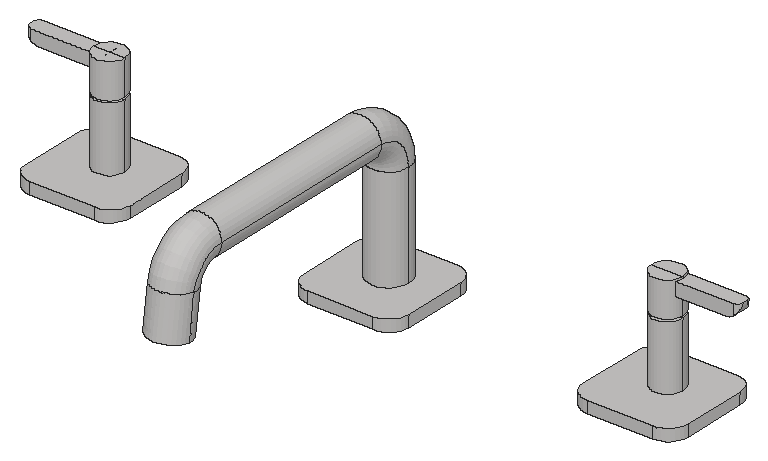
Revit family "SA-3123", category Plumbing Fixtures, Revit 2023
Family settings
  Round Connector Dimension = Use Diameter
  Part Type = Normal
  OmniClass Number = 23.45.00.00
  OmniClass Title = Sanitary, Laundry, and Cleaning Equipment
  Work Plane-Based = No
  Enable Cutting in Views = No
  Always vertical = Yes
  Cut with Voids When Loaded = No
  Maintain Annotation Orientation = No
  Shared = No
  Room Calculation Point = No
Parameters
  Default Elevation = 0"
Reference planes (in)
  plane 1 "Center (Front/Back)": y = 0
  plane 2: z = 0
  plane 3 "Center (Left/Right)": x = 0
  plane 4 "Center L/S": y = 10.6875
  plane 5: z = 0
  plane 6: x = -1.125
  plane 7: x = 4.875
  plane 8: x = 7.125
  plane 9: y = 0.97794
  plane 10: x = 1.125
  plane 11 "Center L/W": x = -6
  plane 12 "Center L/X": x = 6
  plane 13: z = 2.4375
  plane 14: y = -1.27206
  plane 15: x = -4.875
  plane 16: x = -7.125
  plane 17: y = -6.27206
  plane 18: through (0, -5.89706, 2.25301) normal (0, -0.9945, 0.1045)
  plane 19: y = -5.89706
  plane 20: z = 1.6875
  plane 21: z = 3.6875
Forms (in)
  Sweep 1, solid, material "stainless steel"
    path origin (0, 0, 0) x (0, -1, 0) y (0, 0, -1)
      loop
        line (0, -0.24596) -> (0, -2.47732)
        arc (0, -2.47732) -> (0.22085, -3.01051) -> (0.75404, -3.23136) r 0.75404
        line (0.75404, -3.23136) -> (5.03323, -3.23136)
        arc (5.03323, -3.23136) -> (5.51898, -3.05406) -> (5.77629, -2.60553) r 0.75404
        line (5.77629, -2.60553) -> (5.89706, -1.6875)
    profile origin (0, 0, 1.36164) x (0, -1, 0) y (1, 0, 0)
      loop
        circle (0, 0) r 0.4375
  Extrusion 2, solid, material "stainless steel"
    sketch origin (-6, -5.90625, 0.71696) x (0, -1, 0) y (1, 0, 0)
      loop
        line (-6.07513, 0) -> (-6.07513, -1.55288)
        arc (-6.07513, -1.55288) -> (-6.03872, -1.63253) -> (-5.95907, -1.66894) r 0.12544
        line (-5.95907, -1.66894) -> (-5.85343, -1.66894)
        arc (-5.85343, -1.66894) -> (-5.77378, -1.63253) -> (-5.73737, -1.55288) r 0.12544
        line (-5.73737, -1.55288) -> (-5.73737, 0) -> (-6.07513, 0)
    from 1.41445 to 1.7003
  Extrusion 3, solid, material "stainless steel"
    sketch origin (0, 0, 0) x (1, 0, 0) y (0, 1, 0)
      loop
        arc (-6.69715, 0.97794) -> (-6.99969, 0.85263) -> (-7.125, 0.5501) r 0.42785
        line (-7.125, 0.5501) -> (-7.125, -0.84421)
        arc (-7.125, -0.84421) -> (-6.99969, -1.14674) -> (-6.69715, -1.27206) r 0.42785
        line (-6.69715, -1.27206) -> (-5.30285, -1.27206)
        arc (-5.30285, -1.27206) -> (-5.00031, -1.14674) -> (-4.875, -0.84421) r 0.42785
        line (-4.875, -0.84421) -> (-4.875, 0.5501)
        arc (-4.875, 0.5501) -> (-5.00031, 0.85263) -> (-5.30285, 0.97794) r 0.42785
        line (-5.30285, 0.97794) -> (-6.69715, 0.97794)
    from 0 to 0.24596
  Extrusion 4, solid, material "stainless steel"
    sketch origin (5.99035, 0, 0) x (1, 0, 0) y (0, 1, 0)
      loop
        arc (-6.69715, 0.97794) -> (-6.99969, 0.85263) -> (-7.125, 0.5501) r 0.42785
        line (-7.125, 0.5501) -> (-7.125, -0.84421)
        arc (-7.125, -0.84421) -> (-6.99969, -1.14674) -> (-6.69715, -1.27206) r 0.42785
        line (-6.69715, -1.27206) -> (-5.30285, -1.27206)
        arc (-5.30285, -1.27206) -> (-5.00031, -1.14674) -> (-4.875, -0.84421) r 0.42785
        line (-4.875, -0.84421) -> (-4.875, 0.5501)
        arc (-4.875, 0.5501) -> (-5.00031, 0.85263) -> (-5.30285, 0.97794) r 0.42785
        line (-5.30285, 0.97794) -> (-6.69715, 0.97794)
    from 0 to 0.24596
  Extrusion 5, void
    sketch origin (0, 0, 0) x (1, 0, 0) y (0, 0, 1)
      loop
        line (-7.66894, 2.41726) -> (-7.66894, 2.13141) -> (-7.38309, 2.13141)
        arc (-7.38309, 2.13141) -> (-7.58522, 2.21513) -> (-7.66894, 2.41726) r 0.28585
    from -0.16888 to 0.16888
  Revolve 6, solid, material "stainless steel"
    sketch origin (0, 0, 0) x (1, 0, 0) y (0, 0, 1)
      loop
        line (-5.6654, 2.4375) -> (-6, 2.4375) -> (-6, 0.24596) -> (-5.6654, 0.24596) -> (-5.6654, 1.63628) -> (-5.79065, 1.63628) -> (-5.79065, 1.6875) -> (-5.6654, 1.6875) -> (-5.6654, 2.4375)
      axis (-6, 2.4375) -> (-6, 0.24596)
    angle from 0 to 360
  Extrusion 7, solid, material "stainless steel"
    sketch origin (6, -5.90625, 0.71696) x (0, -1, 0) y (1, 0, 0)
      loop
        line (-6.07513, 0) -> (-5.73737, 0) -> (-5.73737, 1.55288)
        arc (-5.73737, 1.55288) -> (-5.77378, 1.63253) -> (-5.85343, 1.66894) r 0.12544
        line (-5.85343, 1.66894) -> (-5.95907, 1.66894)
        arc (-5.95907, 1.66894) -> (-6.03872, 1.63253) -> (-6.07513, 1.55288) r 0.12544
        line (-6.07513, 1.55288) -> (-6.07513, 0)
    from 1.41445 to 1.7003
  Extrusion 8, solid, material "stainless steel"
    sketch origin (0, 0, 0) x (-1, 0, 0) y (0, -1, 0)
      loop
        line (-6.69715, -0.97794) -> (-5.30285, -0.97794)
        arc (-5.30285, -0.97794) -> (-5.00031, -0.85263) -> (-4.875, -0.5501) r 0.42785
        line (-4.875, -0.5501) -> (-4.875, 0.84421)
        arc (-4.875, 0.84421) -> (-5.00031, 1.14674) -> (-5.30285, 1.27206) r 0.42785
        line (-5.30285, 1.27206) -> (-6.69715, 1.27206)
        arc (-6.69715, 1.27206) -> (-6.99969, 1.14674) -> (-7.125, 0.84421) r 0.42785
        line (-7.125, 0.84421) -> (-7.125, -0.5501)
        arc (-7.125, -0.5501) -> (-6.99969, -0.85263) -> (-6.69715, -0.97794) r 0.42785
    from 0 to 0.24596
  Extrusion 9, void
    sketch origin (0, 0, 0) x (-1, 0, 0) y (0, 0, -1)
      loop
        arc (-7.66894, -2.41726) -> (-7.58522, -2.21513) -> (-7.38309, -2.13141) r 0.28585
        line (-7.38309, -2.13141) -> (-7.66894, -2.13141) -> (-7.66894, -2.41726)
    from -0.16888 to 0.16888
  Revolve 10, solid, material "stainless steel"
    sketch origin (0, 0, 0) x (-1, 0, 0) y (0, 0, -1)
      loop
        line (-5.6654, -2.4375) -> (-5.6654, -1.6875) -> (-5.79065, -1.6875) -> (-5.79065, -1.63628) -> (-5.6654, -1.63628) -> (-5.6654, -0.24596) -> (-6, -0.24596) -> (-6, -2.4375) -> (-5.6654, -2.4375)
      axis (-6, -2.4375) -> (-6, -0.24596)
    angle from 0 to 360
Cuts and joins
  Extrusion 5, Extrusion 9 cuts Extrusion 2
  Extrusion 9 cuts Extrusion 7
Dimensions and locks (in)
  plane 7 to plane 8 = 2 1/4"
  plane 10 to plane 6 = 2 1/4"
  plane 12 "Center L/X" to plane 11 "Center L/W" = 12"
  plane 13 to level = 2 7/16"
  plane 9 to plane 17 = 7 1/4"
  plane 14 to plane 19 = 4 5/8"
  level to plane 20 = 1 11/16"
  plane 21 to level = 3 11/16"
  angle plane 19 to plane 18 = 6.00°
  aligned and locked: level to plane 2
